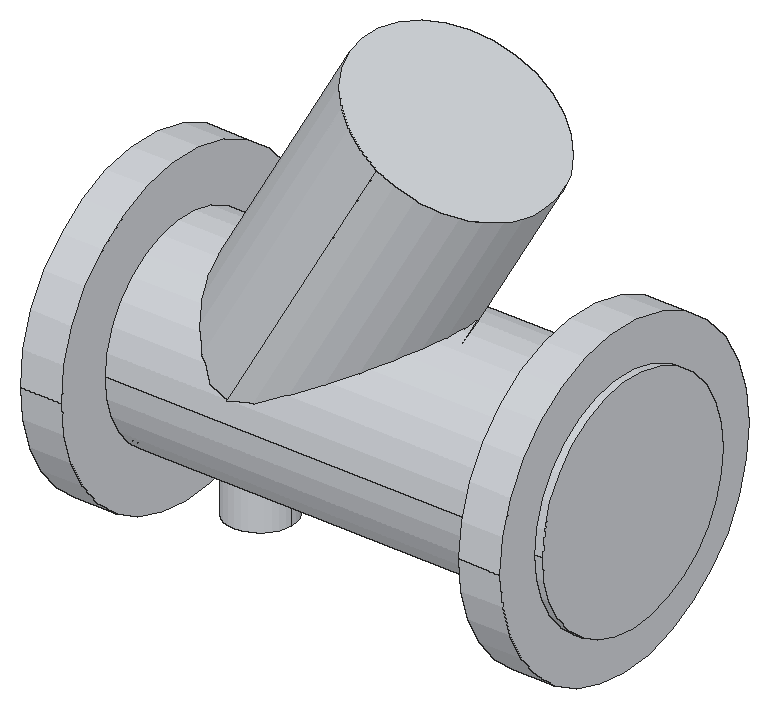
Revit family "HS 821-síto_standard-PN40-DN150-RFA_2019", category Pipe Accessories, Revit 2019
Family settings
  Round Connector Dimension = Use Diameter
  Part Type = Breaks Into
  Work Plane-Based = No
  Always vertical = Yes
  Cut with Voids When Loaded = No
  Shared = No
Parameters (values of type "821F-DN150-PN40-síto_standard")
  magiProductId = "0153b9ddabe14992a630484929fdbc"
  magiProductFamilyId = "79214ac3aaa945e397802f559f5c1e"
  magiPartTypeId = 307
  isMeasuringValve [instance] = no
  ang2D [instance] = 0.00°
  ZB__ve = -ZB  # -47 mm
  ZB1 = 88.29 mm
  ZB = 47 mm
  X2 = 155.885 mm
  X1 = 67.2 mm
  W2D = 15 mm
  VersionID = "2.0/2017.9.26.1/ZETKAMA_821_001"
  Use Minimum Symbol Size [instance] = yes
  URL = "www.hydronic.cz"
  Type Comments = "Filtr přírubový; síto standardní; A-PN16 (-10~300°C); D-PN25 (-10~350°C); F-PN40 (-10~400°C)"
  S = 218 mm
  QmdConnectorList = "301;D;302;D"
  Productdata [instance] = ""
  Manufacturer = "Hydronic Systems Prague s.r.o."
  MC Product Code = "240 692 (821F; DN150; PN40; kvs403; oko síta 1,6mm)"
  LM1 = 38.4 mm
  LM = 384 mm
  L4 = 120 mm
  L2D_Min = 3048 mm
  L2D = 130 mm
  L2 = 240 mm
  HH2 = 270 mm
  FD = 300 mm
  Description = "Filtr přírubový; síto standardní; 821A-PN16; 821D-PN25; 821F-PN40"
  DM1 = 192 mm
  DM = 196.2 mm
  D = 150 mm
  CC = 8.16 mm
  CAT0 = yes
  C1 = 39.84 mm
  C = 48 mm
  BD = 61.803 mm
Types (40, lengths in mm): name | magiProductId | ZB__ve | ZB1 | ZB | X2 | X1 | S | MC Product Code | LM1 | LM | L4 | L2 | HH2 | FD | DM1 | DM | D | CC | C1 | C | BD
  821A-DN015-PN16-síto_standard | "a71bcfe8b393460598b23e8ddf7dc5" | -16.25 | 18.63 | 16.25 | 46.982 | 18.2 | 46 | "200 115 (821A; DN015; PN16; kvs6,3; oko síta 1,00mm)" | 10.4 | 104 | 32.5 | 65 | 81.375 | 95 | 27.6 | 41.4 | 15 | 2.21 | 10.79 | 13 | 13.041
  821A-DN020-PN16-síto_standard | "41cd6c7a12924f4991217528336076" | -17.75 | 22.68 | 17.75 | 51.673 | 21 | 56 | "200 120 (821A; DN020; PN16; kvs11,2; oko síta 1,00mm)" | 12 | 120 | 37.5 | 75 | 89.5 | 105 | 33.6 | 50.4 | 20 | 2.55 | 12.45 | 15 | 15.876
  821A-DN025-PN16-síto_standard | "be378b463ed14c3abf4c9b3ae8cf3a" | -19.25 | 26.325 | 19.25 | 58.601 | 22.4 | 65 | "200 125 (821A; DN025; PN16; kvs14,7; oko síta 1,00mm)" | 12.8 | 128 | 40 | 80 | 101.5 | 115 | 43.2 | 58.5 | 25 | 2.72 | 13.28 | 16 | 18.427
  821A-DN032-PN16-síto_standard | "227a0d18b21540afabe8b6067d35fa" | -23 | 30.78 | 23 | 68.849 | 25.2 | 76 | "200 132 (821A; DN032; PN16; kvs23,7; oko síta 1,00mm)" | 14.4 | 144 | 45 | 90 | 119.25 | 140 | 50.4 | 68.4 | 32 | 3.06 | 14.94 | 18 | 21.546
  821A-DN040-PN16-síto_standard | "d106917c74724141a10440112d0102" | -24.5 | 34.02 | 24.5 | 75.777 | 28 | 84 | "200 140 (821A; DN040; PN16; kvs37,7; oko síta 1,00mm)" | 16 | 160 | 50 | 100 | 131.25 | 150 | 60 | 75.6 | 40 | 3.4 | 16.6 | 20 | 23.814
  821A-DN050-PN16-síto_standard | "8255d456a09e4f6486734f5dd9171b" | -26.75 | 40.095 | 26.75 | 79.061 | 32.2 | 99 | "200 150 (821A; DN050 PN16; kvs57,9; oko síta 1,00mm)" | 18.4 | 184 | 57.5 | 115 | 136.938 | 165 | 73.8 | 89.1 | 50 | 3.91 | 19.09 | 23 | 28.066
  821A-DN065-PN16-síto_standard | "235b1b3e4c0843779a4d5e3716d40a" | -29.75 | 47.79 | 29.75 | 86.927 | 40.6 | 118 | "200 165 (821A; DN065; PN16; kvs101,5; oko síta 1,25mm)" | 23.2 | 232 | 72.5 | 145 | 150.562 | 185 | 94.2 | 106.2 | 65 | 4.93 | 24.07 | 29 | 33.453
  821A-DN080-PN16-síto_standard | "a067f7c5236348ed8c820d16df7214" | -32 | 53.46 | 32 | 104.753 | 43.4 | 132 | "200 180 (821A; DN080; PN16; kvs147,4; oko síta 1,25mm)" | 24.8 | 248 | 77.5 | 155 | 181.438 | 200 | 107.4 | 118.8 | 80 | 5.27 | 25.73 | 31 | 37.422
  821A-DN100-PN16-síto_standard | "c49a648c2747461285837d643703cd" | -35 | 63.18 | 35 | 114.857 | 49 | 156 | "200 190 (821A; DN100; PN16; kvs209,6; oko síta 1,60mm)" | 28 | 280 | 87.5 | 175 | 198.937 | 220 | 131.4 | 140.4 | 100 | 5.95 | 29.05 | 35 | 44.226
  821A-DN125-PN16-síto_standard | "bf68e728a163493cbd2a663b26ebdc" | -39.5 | 74.52 | 39.5 | 131.888 | 56 | 184 | "200 191 (821A; DN125; PN16; kvs326,2; oko síta 1,60mm)" | 32 | 320 | 100 | 200 | 228.438 | 250 | 165 | 165.6 | 125 | 6.8 | 33.2 | 40 | 52.164
  821A-DN150-PN16-síto_standard | "2de770284b654863ae6bc865769dc5" | -44.75 | 85.455 | 44.75 | 155.885 | 67.2 | 211 | "200 192 (821A; DN150; PN16; kvs403; oko síta 1,60mm)" | 38.4 | 384 | 120 | 240 | 270 | 285 | 192 | 189.9 | 150 | 8.16 | 39.84 | 48 | 59.818
  821A-DN200-PN16-síto_standard | "8e5693371ab64aabb29a7f08c76e15" | -53 | 107.73 | 53 | 188.361 | 84 | 266 | "200 193 (821A; DN200; PN16; kvs707; oko síta 1,60mm)" | 48 | 480 | 150 | 300 | 326.25 | 340 | 252 | 239.4 | 200 | 10.2 | 49.8 | 60 | 75.411
  821A-DN250-PN16-síto_standard | "05e37ed948c34047acdd4c42556504" | -62.75 | 129.195 | 62.75 | 255.911 | 102.2 | 319 | "200 194 (821A; DN250; PN16; kvs1234; oko síta 1,60mm)" | 58.4 | 584 | 182.5 | 365 | 443.25 | 405 | 309.6 | 287.1 | 250 | 12.41 | 60.59 | 73 | 90.436
  821A-DN300-PN16-síto_standard | "9ad0af747269428da925480d83ce80" | -71 | 149.85 | 71 | 325.914 | 119 | 370 | "200 195 (821A; DN300; PN16; kvs1916; oko síta 1,60mm)" | 68 | 680 | 212.5 | 425 | 564.5 | 460 | 369.6 | 333 | 300 | 14.45 | 70.55 | 85 | 104.895
  821A-DN350-PN16-síto_standard | "eebc71459bb3451bb4355e7951370a" | -80 | 173.745 | 80 | 356.875 | 137.2 | 429 | "200 196 (821A; DN350; PN16; kvs2621; oko síta 1,60mm)" | 78.4 | 784 | 245 | 490 | 618.125 | 520 | 438 | 386.1 | 350 | 16.66 | 81.34 | 98 | 121.621
  821A-DN400-PN16-síto_standard | "d2f677cb196647e385b2590e7d8abe" | -89 | 194.4 | 89 | 392.237 | 154 | 480 | "200 197 (821A; DN400; PN16; kvs3460; oko síta 1,60mm)" | 88 | 880 | 275 | 550 | 679.375 | 580 | 498 | 432 | 400 | 18.7 | 91.3 | 110 | 136.08
  821D-DN015-PN25-síto_standard | "27ddcbf555414f8ca1fde329bf9087" | -16.25 | 18.63 | 16.25 | 46.982 | 18.2 | 46 | "200 215 (821D; DN015; PN25; kvs6,3; oko síta 1,00mm)" | 10.4 | 104 | 32.5 | 65 | 81.375 | 95 | 27.6 | 41.4 | 15 | 2.21 | 10.79 | 13 | 13.041
  821D-DN020-PN25-síto_standard | "270e0f14012f47189cd0235c18faee" | -17.75 | 22.68 | 17.75 | 51.673 | 21 | 56 | "200 220 (821D; DN020; PN25; kvs11,2; oko síta 1,00mm)" | 12 | 120 | 37.5 | 75 | 89.5 | 105 | 33.6 | 50.4 | 20 | 2.55 | 12.45 | 15 | 15.876
  821D-DN025-PN25-síto_standard | "b9a7fb4aa36643878c637d8e1ab992" | -19.25 | 26.325 | 19.25 | 58.601 | 22.4 | 65 | "200 225 (821D; DN025; PN25; kvs14,7; oko síta 1,00mm)" | 12.8 | 128 | 40 | 80 | 101.5 | 115 | 43.2 | 58.5 | 25 | 2.72 | 13.28 | 16 | 18.427
  821D-DN032-PN25-síto_standard | "6be9a55c4e68400f94eec7e804204c" | -23 | 30.78 | 23 | 68.849 | 25.2 | 76 | "200 232 (821D; DN032; PN25; kvs23,7; oko síta 1,00mm)" | 14.4 | 144 | 45 | 90 | 119.25 | 140 | 50.4 | 68.4 | 32 | 3.06 | 14.94 | 18 | 21.546
  821D-DN040-PN25-síto_standard | "c54511bd7f584ec2984291479612cb" | -24.5 | 34.02 | 24.5 | 75.777 | 28 | 84 | "200 240 (821D; DN040; PN25; kvs37,7; oko síta 1,00mm)" | 16 | 160 | 50 | 100 | 131.25 | 150 | 60 | 75.6 | 40 | 3.4 | 16.6 | 20 | 23.814
  821D-DN050-PN25-síto_standard | "5483b1f596b04cd39b23a14a22c90e" | -26.75 | 40.095 | 26.75 | 79.061 | 32.2 | 99 | "200 250 (821D; DN050; PN25; kvs57,9; oko síta 1,00mm)" | 18.4 | 184 | 57.5 | 115 | 136.938 | 165 | 73.8 | 89.1 | 50 | 3.91 | 19.09 | 23 | 28.066
  821D-DN065-PN25-síto_standard | "767b0f8318e94750bc7a9930ed5b30" | -29.75 | 47.79 | 29.75 | 86.927 | 40.6 | 118 | "200 265 (821D; DN065; PN25; kvs101,5; oko síta 1,25mm)" | 23.2 | 232 | 72.5 | 145 | 150.562 | 185 | 94.2 | 106.2 | 65 | 4.93 | 24.07 | 29 | 33.453
  821D-DN080-PN25-síto_standard | "e21040fa3cc2404b858198f6b73709" | -32 | 53.46 | 32 | 104.753 | 43.4 | 132 | "200 280 (821D; DN080; PN25; kvs147,4; oko síta 1,25mm)" | 24.8 | 248 | 77.5 | 155 | 181.438 | 200 | 107.4 | 118.8 | 80 | 5.27 | 25.73 | 31 | 37.422
  821D-DN100-PN25-síto_standard | "175ca87a506b40b3bc6b82f12f33cf" | -37.25 | 63.18 | 37.25 | 114.857 | 49 | 156 | "200 290 (821D; DN100; PN25; kvs209,6; oko síta 1,60mm)" | 28 | 280 | 87.5 | 175 | 198.937 | 235 | 131.4 | 140.4 | 100 | 5.95 | 29.05 | 35 | 44.226
  821D-DN125-PN25-síto_standard | "77cc98d60da24855999a22dff726b2" | -42.5 | 74.52 | 42.5 | 131.888 | 56 | 184 | "200 291 (821D; DN125; PN25; kvs326,2; oko síta 1,60mm)" | 32 | 320 | 100 | 200 | 228.438 | 270 | 165 | 165.6 | 125 | 6.8 | 33.2 | 40 | 52.164
  821D-DN150-PN25-síto_standard | "9cf8acfcd15547d68e83172d3abcbe" | -47 | 85.455 | 47 | 155.885 | 67.2 | 211 | "200 292 (821D; DN150; PN25; kvs403; oko síta 1,60mm)" | 38.4 | 384 | 120 | 240 | 270 | 300 | 192 | 189.9 | 150 | 8.16 | 39.84 | 48 | 59.818
  821D-DN200-PN25-síto_standard | "16973f3c9ea14389ba8602495a6b64" | -56 | 110.97 | 56 | 188.361 | 84 | 274 | "200 293 (821D; DN200; PN25; kvs707; oko síta 1,60mm)" | 48 | 480 | 150 | 300 | 326.25 | 360 | 252 | 246.6 | 200 | 10.2 | 49.8 | 60 | 77.679
  821F-DN015-PN40-síto_standard | "4c7eaf3c4c0340888b3e684d8a8616" | -16.25 | 18.225 | 16.25 | 46.982 | 18.2 | 45 | "240 615 (821F; DN015; PN40; kvs6,3; oko síta 1,00mm)" | 10.4 | 104 | 32.5 | 65 | 81.375 | 95 | 27.6 | 40.5 | 15 | 2.21 | 10.79 | 13 | 12.757
  821F-DN020-PN40-síto_standard | "aaac5f1ec96b44d6ba96ac2293d66d" | -17.75 | 23.49 | 17.75 | 51.673 | 21 | 58 | "240 620 (821F; DN020; PN40; kvs11,2; oko síta 1,00mm)" | 12 | 120 | 37.5 | 75 | 89.5 | 105 | 33.6 | 52.2 | 20 | 2.55 | 12.45 | 15 | 16.443
  821F-DN025-PN40-síto_standard | "504768023968471481789485b54c7e" | -19.25 | 27.54 | 19.25 | 58.601 | 22.4 | 68 | "240 625 (821F; DN025; PN40; kvs14,7; oko síta 1,00mm)" | 12.8 | 128 | 40 | 80 | 101.5 | 115 | 43.2 | 61.2 | 25 | 2.72 | 13.28 | 16 | 19.278
  821F-DN032-PN40-síto_standard | "165e7f39cf744f329bdf1c400dad12" | -23 | 31.59 | 23 | 68.849 | 25.2 | 78 | "240 632 (821F; DN032; PN40; kvs23,7; oko síta 1,00mm)" | 14.4 | 144 | 45 | 90 | 119.25 | 140 | 50.4 | 70.2 | 32 | 3.06 | 14.94 | 18 | 22.113
  821F-DN040-PN40-síto_standard | "b8903f952089408fbf3a5a632bab1f" | -24.5 | 35.64 | 24.5 | 75.777 | 28 | 88 | "240 640 (821F; DN040; PN40; kvs37,7; oko síta 1,00mm)" | 16 | 160 | 50 | 100 | 131.25 | 150 | 60 | 79.2 | 40 | 3.4 | 16.6 | 20 | 24.948
  821F-DN050-PN40-síto_standard | "c451f97266fe48da8f879cb6a2bd44" | -26.75 | 41.31 | 26.75 | 79.061 | 32.2 | 102 | "240 650 (821F; DN050; PN40; kvs57,9; oko síta 1,00mm)" | 18.4 | 184 | 57.5 | 115 | 136.938 | 165 | 73.8 | 91.8 | 50 | 3.91 | 19.09 | 23 | 28.917
  821F-DN065-PN40-síto_standard | "dc9821e3f9b34e128f6a8c6b34c198" | -29.75 | 49.41 | 29.75 | 86.927 | 40.6 | 122 | "240 665 (821F; DN065; PN40; kvs101,5; oko síta 1,25mm)" | 23.2 | 232 | 72.5 | 145 | 150.562 | 185 | 94.2 | 109.8 | 65 | 4.93 | 24.07 | 29 | 34.587
  821F-DN080-PN40-síto_standard | "689aa1e260f84cf4994f027a1d86b5" | -32 | 55.89 | 32 | 104.753 | 43.4 | 138 | "240 680 (821F; DN080; PN40; kvs147,4; oko síta 1,25mm)" | 24.8 | 248 | 77.5 | 155 | 181.438 | 200 | 107.4 | 124.2 | 80 | 5.27 | 25.73 | 31 | 39.123
  821F-DN100-PN40-síto_standard | "8a45d4e8e2ab425f8c432f21d684f3" | -37.25 | 65.61 | 37.25 | 114.857 | 49 | 162 | "240 690 (821F; DN100; PN40; kvs209,6; oko síta 1,6mm)" | 28 | 280 | 87.5 | 175 | 198.937 | 235 | 131.4 | 145.8 | 100 | 5.95 | 29.05 | 35 | 45.927
  821F-DN125-PN40-síto_standard | "cf073904c006406b8645afa67ea2fc" | -42.5 | 76.14 | 42.5 | 131.888 | 56 | 188 | "240 691 (821F; DN125; PN40; kvs326,2; oko síta 1,6mm)" | 32 | 320 | 100 | 200 | 228.438 | 270 | 165 | 169.2 | 125 | 6.8 | 33.2 | 40 | 53.298
  821F-DN150-PN40-síto_standard | "0153b9ddabe14992a630484929fdbc" | -47 | 88.29 | 47 | 155.885 | 67.2 | 218 | "240 692 (821F; DN150; PN40; kvs403; oko síta 1,6mm)" | 38.4 | 384 | 120 | 240 | 270 | 300 | 192 | 196.2 | 150 | 8.16 | 39.84 | 48 | 61.803
  821F-DN200-PN40-síto_standard | "7fb3fc01dd8d42428c203e3f8dd4d5" | -56 | 115.425 | 56 | 188.361 | 84 | 285 | "240 693 (821F; DN200; PN40; kvs707; oko síta 1,6mm)" | 48 | 480 | 150 | 300 | 326.25 | 360 | 252 | 256.5 | 200 | 10.2 | 49.8 | 60 | 80.797
Reference planes
  plane 1 "Center (Front/Back)": y = 0
  plane 2 "XYPLANE": z = 0
  plane 3 "Center (Left/Right)": x = 0
  plane 4 "109": x = -153.6
  plane 5 "108": x = 192
  plane 6 "107": x = -192
  plane 7 "105": x = 240
  plane 8 "104": x = -240
  plane 9 "103": y = 0
  plane 10 "102": z = 0
  plane 11 "101": x = -231.84
  plane 12 "100": x = 231.84
  plane 13 "11": x = -86.4
  plane 14 "10": z = 270
  plane 15 "9": x = 69.485
  plane 16 "5": z = -88.29
  plane 17 "4": x = -120
  plane 18 "1": x = 120
Forms (mm)
  Extrusion 1, solid, visible <- "CAT0"
    sketch origin (-192, -750, 0) x (0, 1, 0) y (0, 0, 1)
      loop
        circle (750, 0) r 98.1
    from 0 to 384 <- "LM"
  Extrusion 2, solid
    sketch origin (-240, -750, 0) x (0, 1, 0) y (0, 0, 1)
      loop
        circle (750, 0) r 109
    from 0 to 8.16 <- "CC"
  Extrusion 3, solid
    sketch origin (-231.84, -750, 0) x (0, 1, 0) y (0, 0, 1)
      loop
        circle (750, 0) r 150
    from 0 to 39.84 <- "C1"
  Extrusion 4, solid
    sketch origin (192, -750, 0) x (0, 1, 0) y (0, 0, 1)
      loop
        circle (750, 0) r 150
    from 0 to 39.84 <- "C1"
  Extrusion 5, solid
    sketch origin (231.84, -750, 0) x (0, 1, 0) y (0, 0, 1)
      loop
        circle (750, 0) r 109
    from 0 to 8.16 <- "CC"
  Sweep 6, solid, visible <- "CAT0"
    path origin (750, 0, 0) x (-1, 0, 0) y (0, 0, 1)
      loop
        line (942, 0) -> (836.4, 0) -> (680.515, 270)
    profile origin (-192, 0, 0) x (0, 0, -1) y (0, 1, 0)
      loop
        circle (0, 0) r 96
  Extrusion 7, solid, visible <- "CAT0"
    sketch origin (-750, 0, -88.29) x (1, 0, 0) y (0, 1, 0)
      loop
        circle (630, 0) r 30.901
    from 0 to -47 <- "ZB__ve"
  Extrusion 8, solid, visible <- "CAT0"
    sketch origin (-750, 0, -88.29) x (1, 0, 0) y (0, 1, 0)
      loop
        circle (870, 0) r 30.901
    from 0 to -47 <- "ZB__ve"
  Extrusion 9, solid, not visible
    sketch origin (240, -750, 0) x (0, 1, 0) y (0, 0, 1)
      loop
        circle (750, 0) r 10
    from 0 to -10
  Extrusion 10, solid, not visible
    sketch origin (-240, -750, 0) x (0, 1, 0) y (0, 0, 1)
      loop
        circle (750, 0) r 10
    from 0 to 10
Lines and regions (mm)
  reference lines, not visible
    curve 1: circle (2, 2, 0) r 1 normal (0, 0, 1)
Dimensions and locks
  plane 1 "Center (Front/Back)" to curve 1 = 2 mm
  "LM1": plane 6 "107" to plane 4 "109"
  "LM": plane 6 "107" to plane 5 "108"
  "C": plane 8 "104" to plane 6 "107"
  "L2": plane 3 "Center (Left/Right)" to plane 7 "105"
  "L2": plane 3 "Center (Left/Right)" to plane 8 "104"
  locked: plane 1 "Center (Front/Back)" to plane 9 "103"
  locked: plane 2 "XYPLANE" to plane 10 "102"
  "CC": plane 8 "104" to plane 11 "101"
  "C1": plane 5 "108" to plane 12 "100"
  "X1": plane 4 "109" to plane 13 "11"
  "HH2": plane 2 "XYPLANE" to plane 14 "10"
  "X2": plane 13 "11" to plane 15 "9"
  "ZB1": plane 2 "XYPLANE" to plane 16 "5"
  "L4": plane 8 "104" to plane 17 "4"
  "L2": plane 17 "4" to plane 18 "1"
  Sweep 6 sketch curve to Sweep 6 sketch curve = 0 mm  (x2)
  "DM": diameter of Extrusion 1 sketch curve
  "S": diameter of Extrusion 2 sketch curve
  "FD": diameter of Extrusion 3 sketch curve
  "FD": diameter of Extrusion 4 sketch curve
  "S": diameter of Extrusion 5 sketch curve
  "DM1": diameter of Sweep 6 sketch curve
  "BD": diameter of Extrusion 7 sketch curve
  "BD": diameter of Extrusion 8 sketch curve
  aligned and locked: level to plane 2 "XYPLANE"
  aligned and locked: Extrusion 1 sketch curve to plane 9 "103"
  aligned and locked: plane 10 "102" to Extrusion 1 sketch curve
  aligned and locked: Extrusion 2 sketch curve to plane 9 "103"
  aligned and locked: plane 10 "102" to Extrusion 2 sketch curve
  aligned and locked: Extrusion 3 sketch curve to plane 9 "103"
  aligned and locked: plane 10 "102" to Extrusion 3 sketch curve
  aligned and locked: Extrusion 4 sketch curve to plane 9 "103"
  aligned and locked: plane 10 "102" to Extrusion 4 sketch curve
  aligned and locked: Extrusion 5 sketch curve to plane 9 "103"
  aligned and locked: plane 10 "102" to Extrusion 5 sketch curve
  aligned and locked: Sweep 6 sketch curve to plane 9 "103"
  aligned and locked: plane 10 "102" to Sweep 6 sketch curve  (x3)
  aligned and locked: plane 6 "107" to Sweep 6 sketch curve
  aligned and locked: plane 13 "11" to Sweep 6 sketch curve
  aligned and locked: plane 14 "10" to Sweep 6 sketch curve
  aligned and locked: plane 15 "9" to Sweep 6 sketch curve
  aligned and locked: plane 9 "103" to Extrusion 7 sketch curve
  aligned and locked: plane 17 "4" to Extrusion 7 sketch curve
  aligned and locked: plane 9 "103" to Extrusion 8 sketch curve
  aligned and locked: plane 18 "1" to Extrusion 8 sketch curve
  aligned and locked: Extrusion 9 sketch curve to plane 9 "103"
  aligned and locked: plane 10 "102" to Extrusion 9 sketch curve
  aligned and locked: Extrusion 10 sketch curve to plane 9 "103"
  aligned and locked: plane 10 "102" to Extrusion 10 sketch curve
Automatic sketch dimensions
  plane 1 "Center (Front/Back)" to Extrusion 9 sketch curve = 10 mm
  plane 1 "Center (Front/Back)" to Extrusion 10 sketch curve = 10 mm
  plane 3 "Center (Left/Right)" to curve 1 = 2 mm
  radius of curve 1 = 1 mm
Connectors
  piping at (-240, 0, 0), diameter 150, driven by "D"
    settings: on Extrusion 10, index 1, connector inside diameter 609.6 mm, connector length 0 mm, flow factor 0, pipe flow 0.0 L/s, pressure drop 0.0 Pa, fitting loss kfactor 0, connector angle 0.00°, fixture units 0, engagement length 0 mm, angle of deflection 0.00°, flow configuration 0, flow direction 0, fitting loss method 0, system type 29, joint type 0, gender type 0, connector reference index 2, connector utility 0, adjustable connector no, is connector primary yes, connector description ""
  piping at (240, 0, 0), diameter 150, driven by "D"
    settings: on Extrusion 9, index 2, connector inside diameter 609.6 mm, connector length 0 mm, flow factor 0, pipe flow 0.0 L/s, pressure drop 0.0 Pa, fitting loss kfactor 0, connector angle 0.00°, fixture units 0, engagement length 0 mm, angle of deflection 0.00°, flow configuration 0, flow direction 0, fitting loss method 0, system type 29, joint type 0, gender type 0, connector reference index 1, connector utility 0, adjustable connector no, is connector primary no, connector description ""
